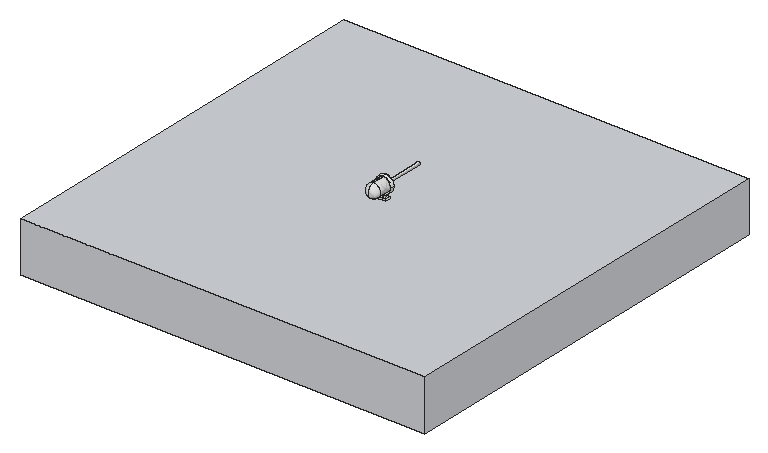
Revit family "Toilet_Brush-Grohe-Essentials-40513001", category Specialty Equipment, host Face, Revit 2014
Parameters (values of type "40513001")
  URL = "https://www.grohe.us"
  Type Comments = ""
  Product Page URL = "https://www.grohe.us/en_us/essentials-cube-toilet-brush-set-40513001.html"
  Price = "Prices may vary. Please consult Manufacturer Representative for most up-to-date price list."  # constant formula
  Model = "40513001"
  Material = "Metal-Grohe-001-Chrome"
  Manufacturer = "Grohe"
  Length = 4 15/16"
  Installation Type = "Wall Mounted"
  Height = 14 3/4"
  Finish = Metal-Grohe-001-Chrome
  Description = "Essentials Cube Toilet Brush Set"  # constant formula
  Default Elevation = 12"  # constant formula
  Creation Date = "08/01/2017"  # constant formula
  Assembly Code = "C1030200"
Reference planes (in)
  plane 1 "Center (Front/Back)": y = 0
  plane 2: z = 0
  plane 3 "Center (Left/Right)": x = 0
  plane 4: x = 1.88976
  plane 5: y = 10.15839
  plane 6: y = -4.62324
  plane 7: x = -1.88976
  plane 8: z = 4.9375
  plane 9: y = -1.0625
  plane 10: y = 1.0625
  plane 11: z = 3.05066
  plane 12: y = 0.55118
  plane 13: y = -0.55118
Forms (in)
  Extrusion 1, solid
    sketch origin (0, 0, 0) x (1, 0, 0) y (0, 1, 0)
      loop
        line (-48, 48) -> (-48, -48) -> (48, -48) -> (48, 48) -> (-48, 48)
    from 0 to -12
  Revolve 2, solid, material "Metal-Grohe-001-Chrome" <- "Finish"
    sketch origin (0, 0, 0) x (0, 1, 0) y (0, 0, 1)
      loop
        line (0, 0.3937) -> (0.27559, 0.3937) -> (0.27559, 1.21538) -> (0, 1.21538) -> (0, 0.3937)
      axis (0, 0.3937) -> (0, 1.21538)
    angle from 0 to 360
  Extrusion 3, solid, material "Metal-Grohe-001-Chrome" <- "Finish"
    sketch origin (0, 0, 0) x (0, 1, 0) y (0, 0, 1)
      loop
        line (-0.55118, 0) -> (0.55118, 0) -> (0.55118, 0.3937) -> (-0.55118, 0.3937) -> (-0.55118, 0)
    from -0.82677 to 0.82677
  Revolve 4, solid, material "Metal-Grohe-001-Chrome" <- "Finish"
    sketch origin (0, 1.5315, -0.33477) x (0, 1, 0) y (0, 0, 1)
      loop
        line (8.6269, 3.38543) -> (8.6269, 3.66102) -> (-0.83661, 3.66102) -> (-0.83661, 3.38543) -> (8.6269, 3.38543)
      axis (-0.83661, 3.38543) -> (8.6269, 3.38543)
    angle from 0 to 360
  Extrusion 5, solid, material "Metal-Grohe-001-Chrome" <- "Finish"
    sketch origin (0, 0.9754, -1.96712) x (1, 0, 0) y (0, 0, 1)
      loop
        circle (0, 5.01779) r 1.58612
      loop
        circle (0, 5.01779) r 1.88976
    from 0.56201 to 1.39272
  Revolve 6, solid, material "Glass-Grohe-Opaque"
    sketch origin (0, 1.13879, -1.92775) x (0, 1, 0) y (0, 0, 1)
      loop
        line (-0.4439, 4.97842) -> (-0.4439, 6.78157) -> (-0.48327, 6.82881) -> (-0.688, 6.82881) -> (-0.688, 6.58059) -> (-4.18967, 6.58059)
        arc (-4.18967, 6.58059) -> (-5.32258, 6.11133) -> (-5.79185, 4.97842) r 1.60218
        line (-5.79185, 4.97842) -> (-5.66685, 4.97842)
        arc (-5.66685, 4.97842) -> (-5.23419, 6.02294) -> (-4.18967, 6.45559) r 1.47718
        line (-4.18967, 6.45559) -> (-0.48327, 6.45559) -> (-0.48327, 4.97842) -> (-0.4439, 4.97842)
      axis (-5.79185, 4.97842) -> (-0.4439, 4.97842)
    angle from 0 to 360
Cuts and joins
  joined: Revolve 2, Extrusion 3, Revolve 4, Extrusion 5
Lines and regions (in)
  Masking region 1
    outline origin (0, 0, 0) x (1, 0, 0) y (0, 0, 1)
      loop
        arc (0.27568, 1.18112) -> (0, 4.94043) -> (-0.27568, 1.18112) r 1.88976
        line (-0.27568, 1.18112) -> (-0.27568, 0.3937) -> (-0.82677, 0.3937) -> (-0.82677, 0) -> (0.82677, 0) -> (0.82677, 0.3937) -> (0.27568, 0.3937) -> (0.27568, 1.18112)
  symbolic lines, detail levels medium+fine
    curve 1: circle (0, 0, 3.05066) r 0.27559 normal (0, -1, 0)
    curve 2: line (0.27559, 0, 0.3937) -> (-0.27559, 0, 0.3937)
    curve 3: circle (0, 0, 3.05066) r 1.80315 normal (0, 1, 0)
    curve 5: arc (0.27568, 0, 1.18112) -> (0, 0, 1.1609) -> (-0.27568, 0, 1.18112) r 1.88976
  symbolic lines, detail levels fine
    curve 4: circle (0, 0, 3.05066) r 1.85039 normal (0, -1, 0)
Dimensions and locks (in)
  plane 8 to plane 2 = 4 15/16"
  plane 5 to plane 6 = 14.78163"
  plane 2 to plane 8 = 4 15/16"
  plane 7 to plane 4 = 3.77953"
  plane 12 to plane 13 = 1.10236"
  aligned and locked: plane 2 to Extrusion 1
  aligned and locked: level to Extrusion 1
